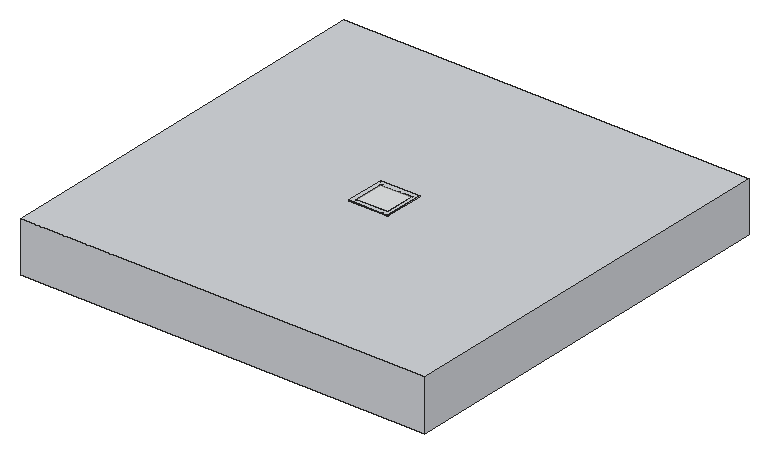
Revit family "ZEPHYR CARRÉ", category Luminaires, Revit 2021
Family settings
  Hôte = Face
  Cote de connecteur circulaire = Utiliser le diamètre
  Type d'élément = Normal
  Numéro OmniClass = 23.80.70.11.14.11
  Titre OmniClass = Downlights
  Couper avec des vides une fois chargée = Oui
  Source d'éclairage = Oui
  Partagée = Oui
  Point de calcul de pièce = Oui
Parameters (values of type "791904")
  Épaisseur collerette = 2 mm
  Épaisseur 2 = 1 mm
  Épaisseur = 10 mm
  URL = "https://www.resistex-sa.com/fr/zephyr-ca-1418lm-bl-3000k-127.html"
  Tension = 230 V  # constant formula
  built-in parameter 1150107 = 3000 (stored number, unit not read)
  Wattage = 18.8 W
  built-in parameter 1150110 = 1 (stored number, unit not read)
  built-in parameter 1150109 = 1 (stored number, unit not read)
  built-in parameter 1114218 = 1 (stored number, unit not read)
  built-in parameter 1150113 = 1 (stored number, unit not read)
  built-in parameter 1150112 = 1 (stored number, unit not read)
  Nombre pôles = 1  # constant formula
  built-in parameter 1150137 = (empty or 0)
  built-in parameter 1150132 = (empty or 0)
  Modèle = "Zephyr"  # constant formula
  Matériau diffuseur = PC Transparent
  Largeur diffuseur = 190 mm
  Largeur 2 = 240 mm
  Largeur = 224.4 mm
  built-in parameter 1150105 = 112.8 (stored number, unit not read)
  built-in parameter 1150102 = (empty or 0)
  Indice de charge = Eclairage
  Image du type = <Aucun>
  IP = "40"  # constant formula
  IK = "08"  # constant formula
  Gradation des changements de température de couleur de lampe = <Aucun>
  Garantie = "5 ans"  # constant formula
  Lumens = 1417.52 lm
  Color Filter = 16777215
  Fichier de distribution photométrique = "791904.ies"
  built-in parameter 1114217 = 1 (stored number, unit not read)
  built-in parameter 1150139 = (empty or 0)
  Fabricant = "Résistex"  # constant formula
  Emit from Rectangle Length = 1219.2 mm
  Emit from Rectangle Width = 609.6 mm
  Emit Shape Visible in Rendering = no
  Default Elevation = 0 mm
  built-in parameter 1150104 = 7.0049 (stored number, unit not read)
  built-in parameter 1150106 = 1.128 (stored number, unit not read)
  built-in parameter 1150115 = 1 (stored number, unit not read)
  built-in parameter 1150114 = 1 (stored number, unit not read)
  Description = "Downlight équipé d'un module LED SMD, efficacité lumineuse de 75.4lm/W"
  Coût = 53.75
  built-in parameter 1150138 = (empty or 0)
  built-in parameter 1150134 = (empty or 0)
  Commentaires relatifs à la puissance = "18.8W"  # constant formula
  Apparent Load = 19.58 VA  # constant formula
  Tilt Angle = 60.00°
  built-in parameter 1150133 = 10 (stored number, unit not read)
Types (3, lengths in mm): name | URL | built-in parameter 1150107 | built-in parameter 1150105 | Lumens | built-in parameter 1150104 | built-in parameter 1150106 | Description | built-in parameter 1150134
  (no name) | "https://www.resistex-sa.com/fr/zephyr-ca-1418lm-bl-3000k-127.html" | 3000 (stored number, unit not read) | 112.8 (stored number, unit not read) | 1417.52 lm | 7.0049 (stored number, unit not read) | 1.128 (stored number, unit not read) | "Downlight équipé d'un module LED SMD, efficacité lumineuse de 75.4lm/W" | (empty or 0)
  791904 | "https://www.resistex-sa.com/fr/zephyr-ca-1418lm-bl-3000k-127.html" | 3000 (stored number, unit not read) | 112.8 (stored number, unit not read) | 1417.52 lm | 7.0049 (stored number, unit not read) | 1.128 (stored number, unit not read) | "Downlight équipé d'un module LED SMD, efficacité lumineuse de 75.4lm/W" | (empty or 0)
  791905 | "https://www.resistex-sa.com/fr/zephyr-ca-1522lm-bl-4000k-128.html" | 4000 (stored number, unit not read) | 121.03 (stored number, unit not read) | 1520.92 lm | 7.5159 (stored number, unit not read) | 1.2103 (stored number, unit not read) | "Downlight équipé d'un module LED SMD, efficacité lumineuse de 80.9lm/W" | 12
Reference planes
  plane 1 "Centre (avant/arrière)": y = 0
  plane 2: z = 0
  plane 3 "Centre (gauche/droite)": x = 0
  plane 4 "Début corps": z = -10
  plane 5: x = -112.2
  plane 6: x = 112.2
  plane 7: y = -112.2
  plane 8: y = 112.2
  plane 9: x = -120
  plane 10: x = 120
  plane 11: y = 120
  plane 12: y = -120
  plane 13 "Face collerette": z = 2
  plane 14: x = -95
  plane 15: x = 95
  plane 16: y = 95
  plane 17: y = -95
Forms (mm)
  Extrusion 1, solid
    sketch origin (0, 0, 0) x (1, 0, 0) y (0, 1, 0)
      loop
        line (-1219.2, 1219.2) -> (-1219.2, -1219.2) -> (1219.2, -1219.2) -> (1219.2, 1219.2) -> (-1219.2, 1219.2)
    from 0 to -304.8
  Extrusion 2, solid
    sketch origin (0, 0, -10) x (-1, 0, 0) y (0, -1, 0)
      loop
        line (112.2, -112.2) -> (112.2, 112.2) -> (-112.2, 112.2) -> (-112.2, -112.2) -> (112.2, -112.2)
    from 0 to 10 <- "Épaisseur"
  Extrusion 3, solid
    sketch origin (0, 0, 0) x (1, 0, 0) y (0, 1, 0)
      loop
        line (-120, 120) -> (-120, -120) -> (120, -120) -> (120, 120) -> (-120, 120)
    from 0 to 2 <- "Épaisseur collerette"
  Extrusion 4, void
    sketch origin (0, 0, 0) x (1, 0, 0) y (0, 1, 0)
      loop
        line (-95, 95) -> (-95, -95) -> (95, -95) -> (95, 95) -> (-95, 95)
    from 0 to 2 <- "Épaisseur collerette"
  Extrusion 5, solid, material "PC Transparent" <- "Matériau diffuseur"
    sketch origin (0, 0, 0) x (1, 0, 0) y (0, 1, 0)
      loop
        line (-95, 95) -> (-95, -95) -> (95, -95) -> (95, 95) -> (-95, 95)
    from 0 to 1 <- "Épaisseur 2"
Cuts and joins
  Extrusion 4 cuts Extrusion 3
Dimensions and locks
  "Épaisseur": level to plane 4 "Début corps"
  equal spacing: plane 5, plane 3 "Centre (gauche/droite)", plane 6
  "Largeur": plane 5 to plane 6
  equal spacing: plane 7, plane 1 "Centre (avant/arrière)", plane 8
  "Largeur": plane 7 to plane 8
  equal spacing: plane 11, plane 1 "Centre (avant/arrière)", plane 12
  "Largeur 2": plane 11 to plane 12
  equal spacing: plane 9, plane 3 "Centre (gauche/droite)", plane 10
  "Largeur 2": plane 9 to plane 10
  "Épaisseur collerette": plane 13 "Face collerette" to level
  equal spacing: plane 14, imposter light, plane 15
  "Largeur diffuseur": plane 14 to plane 15
  equal spacing: plane 17, imposter light, plane 16
  "Largeur diffuseur": plane 17 to plane 16
  aligned and locked: plane 2 to Extrusion 1
  aligned and locked: level to Extrusion 1
  aligned and locked: plane 8 to Extrusion 2 sketch curve
  aligned and locked: plane 5 to Extrusion 2 sketch curve
  aligned and locked: plane 7 to Extrusion 2 sketch curve
  aligned and locked: Extrusion 2 sketch curve to plane 6
  aligned and locked: Extrusion 3 sketch curve to plane 11
  aligned and locked: plane 9 to Extrusion 3 sketch curve
  aligned and locked: Extrusion 3 sketch curve to plane 12
  aligned and locked: Extrusion 3 sketch curve to plane 10
  aligned and locked: plane 16 to Extrusion 4 sketch curve
  aligned and locked: plane 14 to Extrusion 4 sketch curve
  aligned and locked: plane 17 to Extrusion 4 sketch curve
  aligned and locked: plane 15 to Extrusion 4 sketch curve
  aligned and locked: Extrusion 5 sketch curve to Extrusion 4  (x4)
Automatic sketch dimensions
  Extrusion 1 sketch curve to Extrusion 1 sketch curve = 2438.4 mm  (x2)
Connectors
  electrical at (0, 0, 0), driven by "Nombre pôles", driven by "Indice de charge", driven by "Tension", driven by "Apparent Load"
    settings: on cut or joined group of Extrusion 3, Extrusion 4, index 1, voltage 230 V, apparent load 0 VA, apparent load phase1 19.58 VA, apparent load phase2 0 VA, apparent load phase3 0 VA, power factor 1, load classification "Eclairage", number of poles 1, system type 31, power factor state 1, is connector primary yes, connector utility no, sub classification motor no, connector description ""
